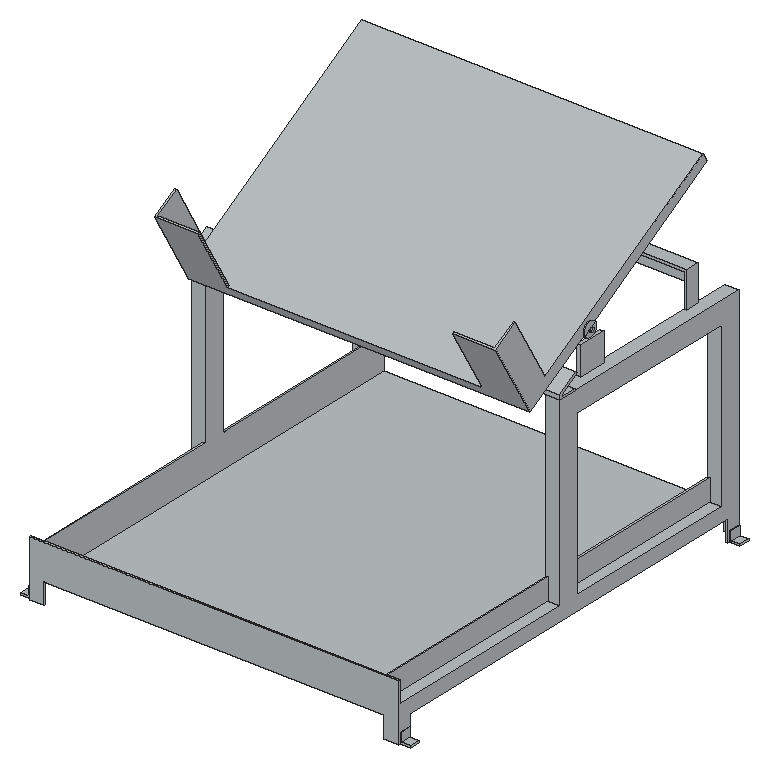
Revit family "DockEquipment_BinTilter_Pentalift_DMT", category Specialty Equipment, Revit 2026
Family settings
  Round Connector Dimension = Use Diameter
  Part Type = Normal
  Work Plane-Based = Yes
  Enable Cutting in Views = No
  Always vertical = No
  Cut with Voids When Loaded = No
  Maintain Annotation Orientation = No
  Shared = No
  Room Calculation Point = No
Parameters
  offset [instance] = Platform Length * (2 / 3)  # 2' - 0"
  Warranty Duration (Years) = 0
  Unit Width [instance] = Platform Width + 0' 4"  # 4' - 4"
  Unit Length [instance] = 5' - 0"
  Unit Height = 3' - 0"
  URL = "http://www.pentalift.com/index.php"
  Tilt Angle [instance] = 30.00°
  Specification = ""
  SpecWizard = ""
  Send Message = "http://www.arcat.com/users.pl?action=UserEmail&company=Pentalift Equipment Corp.&coid=34752&rep=119&fax=519-763-2894&mf="
  Sales Information = "http://www.pentalift.com/about-us.htm"
  Revision = "R1_01-2012"
  Product Properties = ""
  Product Data = "http://www.arcat.com/arcatcos/cos34/arc34752.html"
  Platform Width [instance] = 4' - 0"
  Platform Length [instance] = 3' - 0"
  Model = "As Specified"
  Material [instance] = Metal - Steel - Pentalift - Painted - Gray
  Manufacturer Website = "http://www.pentalift.com/index.php"
  Manufacturer Phone - Toll Free = ""
  Manufacturer Phone = "519-763-3625 "
  Manufacturer Fax = "519-763-2894"
  Manufacturer Address = "21 Nicholas Beaver Rd. Guelph, ON, Canada N1H 6H9 "
  Manufacturer = "Pentalift Equipment Corp."
  Maintenance Schedule (Months) = 0
  Keynote = "11160"
  Installation-Fabrication = ""
  Installation Phase = ""
  Green Building-LEED = ""
  Expected Lifespan (Years) = 0
  Drawn By = "Sumex Design, Inc. / Robert S. Weygant, CSI, CDT, SCIP"
  Description = "Pentalift Dock Equipment as Specified"
  Default Elevation = 4' - 0"
  Copyright = "©Arcat Inc."
  Construction Details = "http://www.arcat.com/details/pentalif/pentalif.html?coid=34752"
  Capacity (Weight) = 0.00 kip
  Assembly Code = "E1030300"
Reference planes (in)
  plane 1 "Center (Front/Back)": y = 3.33333
  plane 2 "Bottom": z = 0
  plane 3 "Center (Left/Right)": x = 0
  plane 4 "Front": y = -32.66667
  plane 5 "Back": y = 27.33333
  plane 6 "Left": x = -26
  plane 7 "Right": x = 26
  plane 8: x = -24
  plane 9: x = 24
  plane 10: z = 36
  plane 11: z = 8
  plane 12: z = 31
  plane 13: y = -6.66667
Forms (in)
  Extrusion 1, solid, material "Metal - Steel - Pentalift - Painted - Gray" <- "Material"
    sketch origin (0, 0, 0) x (1, 0, 0) y (0, 1, 0)
      loop
        line (-26, 27.33333) -> (-26, 25.33333) -> (-25.75, 25.33333) -> (-25.75, 27.08333) -> (-24, 27.08333) -> (-24, 27.33333) -> (-26, 27.33333)
      loop
        line (26, 27.33333) -> (24, 27.33333) -> (24, 27.08333) -> (25.75, 27.08333) -> (25.75, 25.33333) -> (26, 25.33333) -> (26, 27.33333)
      loop
        line (-26, -32.66667) -> (-24, -32.66667) -> (-24, -32.41667) -> (-25.75, -32.41667) -> (-25.75, -30.66667) -> (-26, -30.66667) -> (-26, -32.66667)
      loop
        line (26, -32.66667) -> (26, -30.66667) -> (25.75, -30.66667) -> (25.75, -32.41667) -> (24, -32.41667) -> (24, -32.66667) -> (26, -32.66667)
    from 0 to 3
  Extrusion 2, solid, material "Metal - Steel - Pentalift - Painted - Gray" <- "Material"
    sketch origin (-11.94222, 27.33333, 48) x (-1, 0, 0) y (0, 0, 1)
      loop
        line (14.05778, -45) -> (14.05778, -43) -> (12.30778, -43) -> (12.30778, -40) -> (12.05778, -40) -> (12.05778, -45) -> (14.05778, -45)
      loop
        line (-37.94222, -45) -> (-35.94222, -45) -> (-35.94222, -40) -> (-36.19222, -40) -> (-36.19222, -43) -> (-37.94222, -43) -> (-37.94222, -45)
    from 0 to -60
  Extrusion 3, solid, material "Metal - Steel - Pentalift - Painted - Gray" <- "Material"
    sketch origin (-26, 16.34522, 48) x (0, 1, 0) y (0, 0, 1)
      loop
        line (10.98811, -46) -> (10.98811, -44.75) -> (10.73811, -44.75) -> (10.73811, -46) -> (10.98811, -46)
      loop
        line (-49.01189, -40) -> (-49.01189, -45) -> (-48.76189, -45) -> (-48.76189, -40) -> (-49.01189, -40)
    from 0 to 52
  Extrusion 4, solid, material "Metal - Steel - Pentalift - Painted - Gray" <- "Material"
    sketch origin (0, 0, 0) x (1, 0, 0) y (0, 1, 0)
      loop
        line (-24, 27.08333) -> (-24, -32.41667) -> (24, -32.41667) -> (24, 27.08333) -> (-24, 27.08333)
    from 3 to 3.25
  Sweep 5, solid, material "Metal - Steel - Pentalift - Painted - Gray" <- "Material"
    path origin (-26, 16.34522, 48) x (0, 1, 0) y (0, 0, 1)
      loop
        line (10.98811, -43) -> (10.98811, -17) -> (-20.51189, -17) -> (-20.51189, -43)
    profile origin (-26, 27.33333, 18) x (0, -1, 0) y (1, 0, 0)
      loop
        line (0, 0) -> (3, 0) -> (3, 2) -> (0, 2) -> (0, 0)
  Sweep 6, solid, material "Metal - Steel - Pentalift - Painted - Gray" <- "Material"
    path origin (26, 16.34522, 48) x (0, 1, 0) y (0, 0, 1)
      loop
        line (10.98811, -43) -> (10.98811, -17) -> (-20.51189, -17) -> (-20.51189, -43)
    profile origin (26, 27.33333, 18) x (0, -1, 0) y (1, 0, 0)
      loop
        line (3, -2) -> (3, 0) -> (0, 0) -> (0, -2) -> (3, -2)
  Extrusion 7, solid, material "Metal - Steel - Pentalift - Painted - Gray" <- "Material"
    sketch origin (-11.94222, 27.33333, 48) x (-1, 0, 0) y (0, 0, 1)
      loop
        line (-35.94222, -17) -> (-35.94222, -12.25) -> (12.05778, -12.25) -> (12.05778, -17) -> (12.30778, -17) -> (12.30778, -12) -> (-36.19222, -12) -> (-36.19222, -17) -> (-35.94222, -17)
    from -5 to -7
  Extrusion 8, solid, material "Metal - Steel - Pentalift - Painted - Gray" <- "Material"
    sketch origin (-11.94222, 27.33333, 48) x (-1, 0, 0) y (0, 0, 1)
      loop
        line (12.05778, -12.25) -> (-35.94222, -12.25) -> (-35.94222, -14.75) -> (12.05778, -14.75) -> (12.05778, -12.25)
    from -5 to -5.25
  Extrusion 9, solid, material "Metal - Steel - Pentalift - Painted - Gray" <- "Material"
    sketch origin (-24, 36.45398, 48) x (0, 1, 0) y (0, 0, 1)
      loop
        line (-31.12065, -17) -> (-31.12065, -13) -> (-35.12065, -13) -> (-35.12065, -17) -> (-31.12065, -17)
    from 0 to -0.5
  Extrusion 10, solid, material "Metal - Steel - Pentalift - Painted - Gray" <- "Material"
    sketch origin (24, 40.19739, 48) x (0, 1, 0) y (0, 0, 1)
      loop
        line (-34.86406, -17) -> (-34.86406, -13) -> (-38.86406, -13) -> (-38.86406, -17) -> (-34.86406, -17)
    from 0 to 0.5
  Extrusion 11, solid, material "Metal - Steel - Pentalift - Painted - Gray" <- "Material"
    sketch origin (-11.94222, -32.66667, 48) x (-1, 0, 0) y (0, 0, 1)
      loop
        line (14.05778, -48) -> (15.55778, -48) -> (15.55778, -47.75) -> (14.30778, -47.75) -> (14.30778, -46.5) -> (14.05778, -46.5) -> (14.05778, -48)
      loop
        line (-37.94222, -48) -> (-37.94222, -46.5) -> (-38.19222, -46.5) -> (-38.19222, -47.75) -> (-39.44222, -47.75) -> (-39.44222, -48) -> (-37.94222, -48)
    from 0.25 to 1.75
  Extrusion 12, solid, material "Metal - Steel - Pentalift - Painted - Gray" <- "Material"
    sketch origin (-11.94222, 27.33333, 48) x (-1, 0, 0) y (0, 0, 1)
      loop
        line (14.05778, -48) -> (15.55778, -48) -> (15.55778, -47.75) -> (14.30778, -47.75) -> (14.30778, -46.5) -> (14.05778, -46.5) -> (14.05778, -48)
      loop
        line (-37.94222, -48) -> (-37.94222, -46.5) -> (-38.19222, -46.5) -> (-38.19222, -47.75) -> (-39.44222, -47.75) -> (-39.44222, -48) -> (-37.94222, -48)
    from -0.25 to -1.75
  Extrusion 13, solid, material "Metal - Steel - Pentalift - Painted - Gray" <- "Material"
    sketch origin (-26, 16.34522, 48) x (0, 1, 0) y (0, 0, 1)
      loop
        line (-20.51189, -17) -> (-18.01189, -17) -> (-18.01189, -16.75) -> (-20.26189, -16.75) -> (-20.26189, -16.47446) -> (-17.5723, -14.92163) -> (-17.6973, -14.70513) -> (-20.51189, -16.33013) -> (-20.51189, -17)
    from 0 to 52
Cuts and joins
  joined: Extrusion 1, Extrusion 2, Extrusion 3, Extrusion 4, Sweep 5, Sweep 6, Extrusion 7, Extrusion 8, Extrusion 9, Extrusion 10
Lines and regions (in)
  reference lines
    curve 1: line (0, 3.33333, 36) -> (0, 25.84999, 49)
Dimensions and locks (in)
  equal spacing: plane 6 "Left", plane 3 "Center (Left/Right)", plane 7 "Right"
  "Unit Width": plane 6 "Left" to plane 7 "Right"
  "Unit Length": plane 5 "Back" to plane 4 "Front"
  equal spacing: plane 8, plane 3 "Center (Left/Right)", plane 9
  "Platform Width": plane 8 to plane 9
  "Unit Height": plane 10 to level
  locked: plane 11 to level at 8
  locked: plane 10 to plane 12 at 5
  plane 1 "Center (Front/Back)" to Sweep 5 sketch curve = 0' - 7 1/2"
  locked: plane 1 "Center (Front/Back)" to plane 13 at 10
  "offset": plane 5 "Back" to plane 1 "Center (Front/Back)"
  "Tilt Angle": angle curve 1 to plane 10
  aligned and locked: Extrusion 2 to plane 4 "Front"
  aligned and locked: plane 7 "Right" to Extrusion 3
  aligned and locked: plane 7 "Right" to Extrusion 13
Automatic sketch dimensions
  curve 1 to plane 1 "Center (Front/Back)" = 0' - 0"
  curve 1 to plane 10 = 0' - 0"
  Extrusion 1 sketch curve to plane 5 "Back" = 0' - 0"  (x2)
  Extrusion 1 sketch curve to plane 6 "Left" = 0' - 0"  (x2)
  Extrusion 1 sketch curve to plane 8 = 0' - 0"  (x2)
  Extrusion 1 sketch curve to plane 4 "Front" = 0' - 0"  (x2)
  Extrusion 1 sketch curve to plane 9 = 0' - 0"  (x2)
  Extrusion 1 sketch curve to plane 7 "Right" = 0' - 0"  (x2)
  Extrusion 1 sketch curve to Extrusion 1 sketch curve = 0' - 0 1/4"  (x4)
  Extrusion 1 sketch curve to plane 7 "Right" = 0' - 0 1/4"
  plane 4 "Front" to Extrusion 1 sketch curve = 0' - 0 1/4"
  Extrusion 1 sketch curve to Extrusion 1 sketch curve = 0' - 1 3/4"  (x2)
  Extrusion 1 sketch curve to Extrusion 1 sketch curve = 0' - 2"
  Extrusion 1 sketch curve to plane 5 "Back" = 0' - 2"
  Extrusion 1 sketch curve to plane 5 "Back" = 0' - 0 1/4"  (x2)
  Extrusion 2 sketch curve to plane 7 "Right" = 0' - 0"
  Extrusion 2 sketch curve to plane 11 = 0' - 0"  (x2)
  Extrusion 2 sketch curve to plane 9 = 0' - 0"
  Extrusion 2 sketch curve to plane 8 = 0' - 0"
  Extrusion 2 sketch curve to plane 6 "Left" = 0' - 0"
  plane 9 to Extrusion 2 sketch curve = 0' - 0 1/4"
  Extrusion 2 sketch curve to Extrusion 2 sketch curve = 0' - 0 1/4"
  Extrusion 2 sketch curve to plane 11 = 0' - 3"  (x2)
  Extrusion 2 sketch curve to Extrusion 2 sketch curve = 0' - 2"  (x2)
  Extrusion 3 sketch curve to plane 4 "Front" = 0' - 0"
  Extrusion 3 sketch curve to plane 11 = 0' - 0"
  Extrusion 3 sketch curve to plane 5 "Back" = 0' - 0"
  Extrusion 3 sketch curve to Extrusion 3 sketch curve = 0' - 0 1/4"
  Extrusion 3 sketch curve to plane 5 "Back" = 0' - 0 1/4"
  level to Extrusion 3 sketch curve = 0' - 3 1/4"
  level to Extrusion 3 sketch curve = 0' - 3"
  Extrusion 3 sketch curve to Extrusion 3 sketch curve = 0' - 1 1/4"
  Extrusion 4 sketch curve to plane 8 = 0' - 0"
  Extrusion 4 sketch curve to plane 9 = 0' - 0"
  plane 4 "Front" to Extrusion 4 sketch curve = 0' - 0 1/4"
  Extrusion 4 sketch curve to plane 5 "Back" = 0' - 0 1/4"
  Sweep 5 sketch curve to plane 5 "Back" = 0' - 0"
  Sweep 5 sketch curve to plane 12 = 0' - 0"
  Sweep 5 sketch curve to plane 11 = 0' - 3"  (x2)
  Sweep 5 sketch curve to profile plane = 0' - 0"
  Sweep 5 sketch curve to plane 6 "Left" = 0' - 0"
  Sweep 5 sketch curve to profile plane = 0' - 3"
  plane 6 "Left" to Sweep 5 sketch curve = 0' - 2"
  Sweep 6 sketch curve to plane 12 = 0' - 0"
  Sweep 6 sketch curve to plane 5 "Back" = 0' - 0"
  plane 13 to Sweep 6 sketch curve = 0' - 2 1/2"
  Sweep 6 sketch curve to plane 11 = 0' - 3"  (x2)
  Sweep 6 sketch curve to profile plane = 0' - 0"
  Sweep 6 sketch curve to plane 7 "Right" = 0' - 0"
  Sweep 6 sketch curve to plane 7 "Right" = 0' - 2"
  Sweep 6 sketch curve to profile plane = 0' - 3"
  Extrusion 7 sketch curve to plane 10 = 0' - 0"
  Extrusion 7 sketch curve to plane 12 = 0' - 0"  (x2)
  Extrusion 7 sketch curve to plane 9 = 0' - 0"
  Extrusion 7 sketch curve to plane 8 = 0' - 0"
  Extrusion 7 sketch curve to Extrusion 7 sketch curve = 0' - 0 1/4"  (x2)
  Extrusion 7 sketch curve to plane 10 = 0' - 0 1/4"
  Extrusion 8 sketch curve to plane 9 = 0' - 0"
  Extrusion 8 sketch curve to plane 8 = 0' - 0"
  plane 12 to Extrusion 8 sketch curve = 0' - 2 1/4"
  Extrusion 8 sketch curve to plane 10 = 0' - 0 1/4"
  Extrusion 9 sketch curve to plane 12 = 0' - 0"
  plane 1 "Center (Front/Back)" to Extrusion 9 sketch curve = 0' - 2"
  Extrusion 9 sketch curve to plane 1 "Center (Front/Back)" = 0' - 2"
  Extrusion 9 sketch curve to plane 10 = 0' - 1"
  Extrusion 10 sketch curve to plane 12 = 0' - 0"
  plane 1 "Center (Front/Back)" to Extrusion 10 sketch curve = 0' - 2"
  Extrusion 10 sketch curve to plane 1 "Center (Front/Back)" = 0' - 2"
  Extrusion 10 sketch curve to plane 10 = 0' - 1"
  Extrusion 11 sketch curve to level = 0' - 0"  (x2)
  Extrusion 11 sketch curve to plane 7 "Right" = 0' - 0"
  Extrusion 11 sketch curve to plane 6 "Left" = 0' - 0"
  Extrusion 11 sketch curve to Extrusion 11 sketch curve = 0' - 0 1/4"  (x3)
  Extrusion 11 sketch curve to Extrusion 11 sketch curve = 0' - 1 1/4"  (x4)
  level to Extrusion 11 sketch curve = 0' - 0 1/4"
  Extrusion 12 sketch curve to level = 0' - 0"  (x2)
  Extrusion 12 sketch curve to plane 7 "Right" = 0' - 0"
  Extrusion 12 sketch curve to plane 6 "Left" = 0' - 0"
  Extrusion 12 sketch curve to Extrusion 12 sketch curve = 0' - 0 1/4"
  Extrusion 12 sketch curve to Extrusion 12 sketch curve = 0' - 1 1/4"  (x4)
  Extrusion 12 sketch curve to plane 6 "Left" = 0' - 0 1/4"
  level to Extrusion 12 sketch curve = 0' - 0 1/4"  (x2)
  Extrusion 13 sketch curve to plane 12 = 0' - 0"
  plane 12 to Extrusion 13 sketch curve = 0' - 0.66987"
  plane 13 to Extrusion 13 sketch curve = 0' - 2 1/2"
  plane 12 to Extrusion 13 sketch curve = 0' - 0.52554"
  Extrusion 13 sketch curve to Extrusion 13 sketch curve = 0' - 0 1/4"
  plane 12 to Extrusion 13 sketch curve = 0' - 0 1/4"
  Extrusion 13 sketch curve to Extrusion 13 sketch curve = 0' - 0.31458"
  plane 12 to Extrusion 13 sketch curve = 0' - 2.07837"
  Extrusion 13 sketch curve to Extrusion 13 sketch curve = 0' - 0 1/8"
Nested families (in)
  nested 1: "Bucket_MT" at (0, 11.99359, 41) x (1, 0, 0) z (0, -0.5, 0.866), Unit Width <- "Platform Width", Unit Length <- "Platform Length", type "Bucket_MT"
    with offset 0' - 0", Unit Width 4' - 0", Unit Length 3' - 0", Unit Height 1' - 0", Material Metal - Steel - Pentalift - Painted - Gray
Definition of nested family "Bucket_MT"
  Parameters
    offset [instance] = 0' - 0"
    Warranty Duration (Years) = 0
    Unit Width [instance] = 3' - 0"
    Unit Length [instance] = 5' - 0"
    Unit Height [instance] = 1' - 0"
    URL = "http://www.pentalift.com/index.php"
    Specification = ""
    SpecWizard = ""
    Send Message = "http://www.arcat.com/users.pl?action=UserEmail&company=Pentalift Equipment Corp.&coid=34752&rep=119&fax=519-763-2894&mf="
    Sales Information = "http://www.pentalift.com/about-us.htm"
    Revision = "R1_01-2012"
    Product Properties = ""
    Product Data = "http://www.arcat.com/arcatcos/cos34/arc34752.html"
    Model = "As Specified"
    Material [instance] = none
    Manufacturer Website = "http://www.pentalift.com/index.php"
    Manufacturer Phone - Toll Free = ""
    Manufacturer Phone = "519-763-3625 "
    Manufacturer Fax = "519-763-2894"
    Manufacturer Address = "21 Nicholas Beaver Rd. Guelph, ON, Canada N1H 6H9 "
    Manufacturer = "Pentalift Equipment Corp."
    Maintenance Schedule (Months) = 0
    Keynote = "11160"
    Installation-Fabrication = ""
    Installation Phase = ""
    Green Building-LEED = ""
    Expected Lifespan (Years) = 0
    Drawn By = "Sumex Design, Inc. / Robert S. Weygant, CSI, CDT, SCIP"
    Description = "Pentalift Dock Equipment as Specified"
    Default Elevation = 4' - 0"
    Copyright = "©Arcat Inc."
    Construction Details = "http://www.arcat.com/details/pentalif/pentalif.html?coid=34752"
    Capacity (Weight) = 0.00 kip
    Assembly Code = "E1030300"
  Reference planes (in)
    plane 1 "Center (Front/Back)": y = -10
    plane 2 "Bottom": z = 0
    plane 3 "Center (Left/Right)": x = 0
    plane 4 "Front": y = -30
    plane 5 "Back": y = 30
    plane 6 "Left": x = -18
    plane 7 "Right": x = 18
    plane 8: z = 12
    plane 9: z = 0
    plane 10: y = 10
  Forms (in)
    Extrusion 1, solid, material <- "Material"
      sketch origin (0, 0, 0) x (1, 0, 0) y (0, 1, 0)
        loop
          line (-18, 30) -> (-18, -30) -> (18, -30) -> (18, 30) -> (-18, 30)
      from 0 to 1.5
    Revolve 2, solid, material <- "Material"
      sketch origin (0, 0, 0) x (1, 0, 0) y (0, 1, 0)
        loop
          line (-18.5, -10) -> (18.5, -10) -> (18.5, -9.75) -> (18.25, -9.75) -> (18.25, -9) -> (18, -9) -> (18, -9.75) -> (-18, -9.75) -> (-18, -9) -> (-18.25, -9) -> (-18.25, -9.75) -> (-18.5, -9.75) -> (-18.5, -10)
        axis (-18.5, -10) -> (18.5, -10)
      angle from 0 to 360
    Extrusion 3, solid, material <- "Material"
      sketch origin (0, 0, 0) x (1, 0, 0) y (0, 1, 0)
        loop
          line (-18, -30) -> (-12, -30) -> (-12, -29.75) -> (-17.75, -29.75) -> (-17.75, -26) -> (-18, -26) -> (-18, -30)
        loop
          line (18, -30) -> (18, -26) -> (17.75, -26) -> (17.75, -29.75) -> (12, -29.75) -> (12, -30) -> (18, -30)
      from 0 to 12
  Cuts and joins
    joined: Extrusion 1, Revolve 2, Extrusion 3
  Dimensions and locks (in)
    equal spacing: plane 6 "Left", plane 3 "Center (Left/Right)", plane 7 "Right"
    "Unit Width": plane 6 "Left" to plane 7 "Right"
    equal spacing: plane 5 "Back", plane 10, plane 1 "Center (Front/Back)", plane 4 "Front"
    "Unit Length": plane 5 "Back" to plane 4 "Front"
    "Unit Height": plane 8 to level
    aligned and locked: level to plane 9
    aligned and locked: Extrusion 3 to plane 8
  Automatic sketch dimensions
    Extrusion 1 sketch curve to plane 4 "Front" = 0' - 0"
    Extrusion 1 sketch curve to plane 6 "Left" = 0' - 0"
    Extrusion 1 sketch curve to plane 7 "Right" = 0' - 0"
    plane 5 "Back" to Extrusion 1 sketch curve = 0' - 0"
    Revolve 2 sketch curve to plane 1 "Center (Front/Back)" = 0' - 0"  (x2)
    Revolve 2 sketch curve to plane 6 "Left" = 0' - 0"
    Revolve 2 sketch curve to plane 7 "Right" = 0' - 0"
    Revolve 2 sketch curve to Revolve 2 sketch curve = 0' - 0 1/4"  (x4)
    Revolve 2 sketch curve to Revolve 2 sketch curve = 0' - 0.56109"
    Revolve 2 sketch curve to Revolve 2 sketch curve = 0' - 7.18891"
    Revolve 2 sketch curve to plane 1 "Center (Front/Back)" = 0' - 0 1/4"  (x3)
    Revolve 2 sketch curve to Revolve 2 sketch curve = 0' - 0 3/4"  (x2)
    Extrusion 3 sketch curve to plane 6 "Left" = 0' - 0"
    Extrusion 3 sketch curve to plane 4 "Front" = 0' - 0"  (x2)
    Extrusion 3 sketch curve to plane 7 "Right" = 0' - 0"
    plane 6 "Left" to Extrusion 3 sketch curve = 0' - 0 1/4"
    Extrusion 3 sketch curve to Extrusion 3 sketch curve = 0' - 5 3/4"
    Extrusion 3 sketch curve to Extrusion 3 sketch curve = 0' - 6"
    Extrusion 3 sketch curve to plane 7 "Right" = 0' - 0 1/4"
    plane 4 "Front" to Extrusion 3 sketch curve = 0' - 0 1/4"
    Extrusion 3 sketch curve to Extrusion 3 sketch curve = 0' - 0 1/4"
    Extrusion 3 sketch curve to Extrusion 3 sketch curve = 0' - 3 3/4"  (x2)
